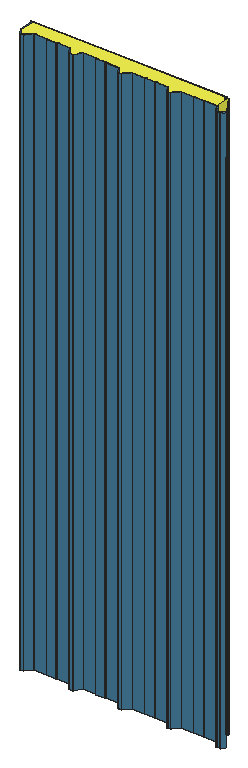
Revit family "ASSAN_N5_0,5-0,4_T", category Curtain Panels, Revit 2019
Family settings
  OmniClass Number = 23.25.20.14.11.11.17
  OmniClass Title = Infill Panels
  Always vertical = Yes
  Cut with Voids When Loaded = No
  Shared = No
Parameters (values of type "ASSAN_N5_0,5-0,4_T80")
  width  (mm) = "1000"  # constant formula
  minimum size  (m) = "3"  # constant formula
  maximum size (m) = "Depends on shipping conditions"  # constant formula
  Water absorption (EN ISO 354) = "By Volume 2% (168 hours)"  # constant formula
  Water Vapor Diffusion (EN 12086) = ""
  Version number = "Assan_N5_0100_001"  # constant formula
  Vapor Diffusion Resistance (EN 12086) = "30-100"  # constant formula
  Uniformat II Description = ""
  Uniformat II Code = ""
  Uniclass 2015 Name = "Metal composite panel roof covering systems"
  Uniclass 2015 Code = "Ss_30_40_55"
  Uniclass 2.0 Description = "Panel Roof Structure Systems"
  Uniclass 2.0 Code = "SS-20-10-60"
  Uniclass 1.4 Description = "Roof coverings, claddings, linings"
  Uniclass 1.4 Code = "L52"
  URL = "https://www.assanpanel.com.tr/en/"
  UNSPSC Code = ""
  Type Comments = "Prepainted Galvanized Steel Structure"  # constant formula
  Temperature Resistance = "-200 /+110 ºC"  # constant formula
  Technical description = "https://www.assanpanel.com.tr/en/urunler/sandvic-paneller/cati-panelleri/n5"
  Sound insulation Rw[Db]≥ = ""
  Rockwool Density (kg/m3) = ""
  Production Site = "İstanbul-İskenderun-Balıkesir"  # constant formula
  Painted Type = Polyester : Polyester
  Internal Colour = RAL 5010
  Internal  Metal Thickness = 0,3 : 0,3
  Hot Dip Coating Quantity(EN 10327) (gr/m2) = Z70 : Z70
  Flammability Class (EN 13501) = "B. S2 . d0"  # constant formula
  Finish = "Assan IPN"
  External Metal Thickness = 0,3 : 0,3
  External Colour = RAL 5010
  Core Insulation = Assan PUR : PUR
  Color = RAL 5010
  Region = "ALL"  # constant formula
  Ral Code = "All colors available.Please enter the desired color code\r\n\r\n@  :  7032"
  QR code = "https://www.assanpanel.com.tr/tr-tr/urunler/sandvic-paneller"
  Product group = "insulated roof panels"  # constant formula
  Product family = "Roof Panels"  # constant formula
  Product data url = "https://www.assanpanel.com.tr/-/media/files/pdf/urunler/sandivic-paneller/cati-paneli/2019/05/29/assan-panel-n5-cati-paneli.ashx"
  Product certification = "https://www.assanpanel.com.tr/en/kutuphane/sertifikalarimiz"
  Polyurethane Density (EN 1602  (kg/m3) = "40 (±2)"  # constant formula
  Panel orientation = "Roof panel vertical"  # constant formula
  OmniClass Description = ""
  OmniClass Code = ""
  NBS Reference Description = "Roofs"
  NBS Reference Code = "20-10"
  Model name = "ASSAN_N5_ROOF"  # constant formula
  Metal Sheet Type = Galvanized : Galvanized
  Masterformat 2014 Description = ""
  Masterformat 2014 Code = ""
  Manufacturer name = "Assan Panel San. ve Tic. A.Ş."  # constant formula
  Manufacturer country = "TURKEY"  # constant formula
  Manufacturer = "Assan Panel San. ve Tic. A.Ş."  # constant formula
  Thickness = 80 mm
  Installation instructions = "https://www.assanpanel.com.tr/en/urunler/sandvic-paneller"
  IFC Classification = "Roof"
  Heat Transmission Coefficient λ (EN 13165) (W/Mk) = "0,022-0,024"  # constant formula
  Dimensional Stability (EN 13165) = "Level DS (TH) 11"  # constant formula
  Design country = "ISTANBUL"  # constant formula
  Date of publishing = "001"  # constant formula
  Construction Type = "N5"
  Closed cell ratio (EN 14509) = "95%"  # constant formula
  COBIe Type Category = ""
  BIMobject category = "Roof"
  Analytic Construction = "<None>"
Types (5, lengths in mm): name | Core Insulation | Thickness
  ASSAN_N5_0,5-0,4_T50 | Assan PIR : PIR | 50
  ASSAN_N5_0,5-0,4_T40 | Assan PIR : PIR | 40
  ASSAN_N5_0,5-0,4_T60 | Assan PIR : PIR | 60
  ASSAN_N5_0,5-0,4_T80 | Assan PUR : PUR | 80
  ASSAN_N5_0,5-0,4_T100 | Assan PIR : PIR | 100
Reference planes
  plane 1 "Center (Front/Back)": y = 0
  plane 2: z = 0
  plane 3 "Center (Left/Right)": x = 0
  plane 4 "Left": x = -500
  plane 5 "Right": x = 500
  plane 6 "Top": z = 2900
  plane 7: y = -80
Text (mm)
  text "Exterior" at (-2351.972, 1416.179, 0), in view "Ref. Level"
  text "Exterior" at (0, 2290.741, 4406.713), in view "Left"
  text "Exterior" at (0, 1328.187, 4120.349), in view "Right"
Dimensions and locks
  equal spacing: plane 4 "Left", plane 3 "Center (Left/Right)", plane 5 "Right"
  "Thickness": plane 7 to plane 1 "Center (Front/Back)"
  aligned and locked: level to plane 2
  aligned and locked: plane 6 "Top" to nested 1
  aligned and locked: nested 2 to plane 3 "Center (Left/Right)"
  aligned and locked: plane 6 "Top" to nested 2
Nested families
  nested 1: "NT5" at (0, 0, 0), type "External Panel"
    with Boy 2900 mm, Kalınlık 80 mm
  nested 2: "Assan PUR" at (0, 0, 0), type <- "Core Insulation", type "PUR"
    with Boy 2900 mm, Kalınlık 80 mm
Definition of nested family "NT5"
  Parameters (values of type "50")
    Renk Kodu = none
    Kalınlık = 60 mm
    Boy [instance] = 3000 mm
  Reference planes
    plane 1 "Center (Front/Back)": y = 0
    plane 2: z = 0
    plane 3 "Center (Left/Right)": x = 0
    plane 4: y = 60
    plane 5: y = 92.402
    plane 6: y = 94.002
    plane 7: y = 59.2
    plane 8: x = -500
    plane 9: x = 500
    plane 10: z = 3000
  Forms (mm)
    Extrusion 1, solid, material <- "Renk Kodu"
      sketch origin (0, 0, 0) x (1, 0, 0) y (0, 1, 0)
        loop
          arc (497.148, 0) -> (499.165, 0.835) -> (500, 2.852) r 2.852
          arc (500, 2.852) -> (500.657, 4.541) -> (502.282, 5.343) r 2.5
          line (502.282, 5.343) -> (511.255, 6.04)
          arc (511.255, 6.04) -> (513.537, 8.532) -> (511.253, 11.021) r 2.5
          line (511.253, 11.021) -> (501.278, 11.807)
          arc (501.278, 11.807) -> (499.653, 12.608) -> (498.996, 14.297) r 2.5
          line (498.996, 14.297) -> (498.196, 14.297)
          arc (498.196, 14.297) -> (499.064, 12.066) -> (501.212, 11.009) r 3.3
          line (501.212, 11.009) -> (511.187, 10.224)
          arc (511.187, 10.224) -> (512.737, 8.532) -> (511.189, 6.837) r 1.7
          line (511.189, 6.837) -> (502.217, 6.14)
          arc (502.217, 6.14) -> (500.068, 5.083) -> (499.2, 2.852) r 3.3
          arc (499.2, 2.852) -> (498.599, 1.401) -> (497.148, 0.8) r 2.052
          line (497.148, 0.8) -> (-496.833, 0.8)
          arc (-496.833, 0.8) -> (-498.197, 2.164) -> (-496.833, 3.529) r 1.364
          line (-496.833, 3.529) -> (-489.583, 4.247)
          arc (-489.583, 4.247) -> (-486.791, 5.627) -> (-485.663, 8.531) r 4.3
          line (-485.663, 8.531) -> (-485.663, 58.119) -> (-463.536, 91.42)
          arc (-463.536, 91.42) -> (-462.744, 92.141) -> (-461.704, 92.402) r 2.2
          line (-461.704, 92.402) -> (-445.334, 92.402)
          arc (-445.334, 92.402) -> (-444.295, 92.141) -> (-443.502, 91.42) r 2.2
          line (-443.502, 91.42) -> (-422.988, 60.534)
          arc (-422.988, 60.534) -> (-421.902, 59.554) -> (-420.483, 59.2) r 3.017
          line (-420.483, 59.2) -> (-354.857, 59.2)
          arc (-354.857, 59.2) -> (-354.096, 59.351) -> (-353.45, 59.783) r 1.989
          line (-353.45, 59.783) -> (-352.804, 60.407)
          arc (-352.804, 60.407) -> (-352.479, 60.624) -> (-352.097, 60.7) r 1
          line (-352.097, 60.7) -> (-304.859, 60.7)
          arc (-304.859, 60.7) -> (-304.476, 60.624) -> (-304.151, 60.407) r 1
          line (-304.151, 60.407) -> (-303.505, 59.783)
          arc (-303.505, 59.783) -> (-302.86, 59.351) -> (-302.098, 59.2) r 1.989
          line (-302.098, 59.2) -> (-237.513, 59.2)
          arc (-237.513, 59.2) -> (-236.096, 59.556) -> (-235.015, 60.54) r 3
          line (-235.015, 60.54) -> (-213.965, 92.22)
          arc (-213.965, 92.22) -> (-213.173, 92.941) -> (-212.133, 93.202) r 2.2
          line (-212.133, 93.202) -> (-194.905, 93.202)
          arc (-194.905, 93.202) -> (-193.866, 92.941) -> (-193.073, 92.22) r 2.2
          line (-193.073, 92.22) -> (-171.133, 59.2) -> (-104.857, 59.2)
          arc (-104.857, 59.2) -> (-104.096, 59.351) -> (-103.45, 59.783) r 1.989
          line (-103.45, 59.783) -> (-102.804, 60.407)
          arc (-102.804, 60.407) -> (-102.479, 60.624) -> (-102.097, 60.7) r 1
          line (-102.097, 60.7) -> (-54.859, 60.7)
          arc (-54.859, 60.7) -> (-54.476, 60.624) -> (-54.151, 60.407) r 1
          line (-54.151, 60.407) -> (-53.505, 59.783)
          arc (-53.505, 59.783) -> (-52.86, 59.351) -> (-52.098, 59.2) r 1.989
          line (-52.098, 59.2) -> (14.095, 59.2) -> (36.035, 92.22)
          arc (36.035, 92.22) -> (36.827, 92.941) -> (37.867, 93.202) r 2.2
          line (37.867, 93.202) -> (56.274, 93.202) -> (78.867, 59.2) -> (145.143, 59.2)
          arc (145.143, 59.2) -> (145.904, 59.351) -> (146.55, 59.783) r 1.989
          line (146.55, 59.783) -> (147.196, 60.407)
          arc (147.196, 60.407) -> (147.521, 60.624) -> (147.903, 60.7) r 1
          line (147.903, 60.7) -> (195.141, 60.7)
          arc (195.141, 60.7) -> (195.524, 60.624) -> (195.849, 60.407) r 1
          line (195.849, 60.407) -> (196.495, 59.783)
          arc (196.495, 59.783) -> (197.14, 59.351) -> (197.902, 59.2) r 1.989
          line (197.902, 59.2) -> (264.095, 59.2) -> (286.035, 92.22)
          arc (286.035, 92.22) -> (286.827, 92.941) -> (287.867, 93.202) r 2.2
          line (287.867, 93.202) -> (305.095, 93.202)
          arc (305.095, 93.202) -> (306.134, 92.941) -> (306.927, 92.22) r 2.2
          line (306.927, 92.22) -> (328.867, 59.2) -> (395.143, 59.2)
          arc (395.143, 59.2) -> (395.904, 59.351) -> (396.55, 59.783) r 1.989
          line (396.55, 59.783) -> (397.196, 60.407)
          arc (397.196, 60.407) -> (397.521, 60.624) -> (397.903, 60.7) r 1
          line (397.903, 60.7) -> (445.141, 60.7)
          arc (445.141, 60.7) -> (445.524, 60.624) -> (445.849, 60.407) r 1
          line (445.849, 60.407) -> (446.495, 59.783)
          arc (446.495, 59.783) -> (447.14, 59.351) -> (447.902, 59.2) r 1.989
          line (447.902, 59.2) -> (514.095, 59.2) -> (536.035, 92.22)
          arc (536.035, 92.22) -> (536.827, 92.941) -> (537.867, 93.202) r 2.2
          line (537.867, 93.202) -> (554.773, 93.202)
          arc (554.773, 93.202) -> (556.044, 92.897) -> (557.038, 92.048) r 2.8
          line (557.038, 92.048) -> (568.479, 75.465) -> (569.137, 75.919) -> (557.78, 92.382)
          arc (557.78, 92.382) -> (556.481, 93.571) -> (554.773, 94.002) r 3.6
          line (554.773, 94.002) -> (536.259, 94.002) -> (514.319, 60.982)
          arc (514.319, 60.982) -> (513.526, 60.261) -> (512.487, 60) r 2.2
          line (512.487, 60) -> (447.801, 60)
          arc (447.801, 60) -> (447.419, 60.076) -> (447.094, 60.293) r 1
          line (447.094, 60.293) -> (446.463, 60.92)
          arc (446.463, 60.92) -> (445.811, 61.359) -> (445.04, 61.514) r 2.001
          line (445.04, 61.514) -> (398.004, 61.514)
          arc (398.004, 61.514) -> (397.234, 61.359) -> (396.582, 60.92) r 2.001
          line (396.582, 60.92) -> (395.951, 60.293)
          arc (395.951, 60.293) -> (395.626, 60.076) -> (395.243, 60) r 1
          line (395.243, 60) -> (330.475, 60)
          arc (330.475, 60) -> (329.436, 60.261) -> (328.643, 60.982) r 2.2
          line (328.643, 60.982) -> (306.703, 94.002) -> (286.259, 94.002) -> (264.319, 60.982)
          arc (264.319, 60.982) -> (263.526, 60.261) -> (262.487, 60) r 2.2
          line (262.487, 60) -> (197.801, 60)
          arc (197.801, 60) -> (197.419, 60.076) -> (197.094, 60.293) r 1
          line (197.094, 60.293) -> (196.463, 60.92)
          arc (196.463, 60.92) -> (195.811, 61.359) -> (195.04, 61.514) r 2.001
          line (195.04, 61.514) -> (148.004, 61.514)
          arc (148.004, 61.514) -> (147.234, 61.359) -> (146.582, 60.92) r 2.001
          line (146.582, 60.92) -> (145.951, 60.293)
          arc (145.951, 60.293) -> (145.626, 60.076) -> (145.243, 60) r 1
          line (145.243, 60) -> (79.296, 60) -> (56.703, 94.002) -> (36.259, 94.002) -> (13.666, 60) -> (-52.199, 60)
          arc (-52.199, 60) -> (-52.581, 60.076) -> (-52.906, 60.293) r 1
          line (-52.906, 60.293) -> (-53.537, 60.92)
          arc (-53.537, 60.92) -> (-54.189, 61.359) -> (-54.96, 61.514) r 2.001
          line (-54.96, 61.514) -> (-101.996, 61.514)
          arc (-101.996, 61.514) -> (-102.766, 61.359) -> (-103.418, 60.92) r 2.001
          line (-103.418, 60.92) -> (-104.049, 60.293)
          arc (-104.049, 60.293) -> (-104.374, 60.076) -> (-104.757, 60) r 1
          line (-104.757, 60) -> (-170.704, 60) -> (-192.407, 92.662)
          arc (-192.407, 92.662) -> (-193.488, 93.646) -> (-194.905, 94.002) r 3
          line (-194.905, 94.002) -> (-212.133, 94.002)
          arc (-212.133, 94.002) -> (-213.551, 93.646) -> (-214.632, 92.662) r 3
          line (-214.632, 92.662) -> (-235.681, 60.982)
          arc (-235.681, 60.982) -> (-236.474, 60.261) -> (-237.513, 60) r 2.2
          line (-237.513, 60) -> (-302.199, 60)
          arc (-302.199, 60) -> (-302.581, 60.076) -> (-302.906, 60.293) r 1
          line (-302.906, 60.293) -> (-303.537, 60.92)
          arc (-303.537, 60.92) -> (-304.189, 61.359) -> (-304.96, 61.514) r 2.001
          line (-304.96, 61.514) -> (-351.996, 61.514)
          arc (-351.996, 61.514) -> (-352.766, 61.359) -> (-353.418, 60.92) r 2.001
          line (-353.418, 60.92) -> (-354.049, 60.293)
          arc (-354.049, 60.293) -> (-354.374, 60.076) -> (-354.757, 60) r 1
          line (-354.757, 60) -> (-420.485, 60)
          arc (-420.485, 60) -> (-421.525, 60.261) -> (-422.318, 60.982) r 2.2
          line (-422.318, 60.982) -> (-442.835, 91.862)
          arc (-442.835, 91.862) -> (-443.917, 92.846) -> (-445.334, 93.202) r 3
          line (-445.334, 93.202) -> (-461.704, 93.202)
          arc (-461.704, 93.202) -> (-463.122, 92.846) -> (-464.203, 91.862) r 3
          line (-464.203, 91.862) -> (-486.463, 58.361) -> (-486.463, 8.531)
          arc (-486.463, 8.531) -> (-487.382, 6.166) -> (-489.658, 5.044) r 3.5
          line (-489.658, 5.044) -> (-497.214, 4.295)
          arc (-497.214, 4.295) -> (-498.989, 1.973) -> (-496.833, 0) r 2.164
          line (-496.833, 0) -> (497.148, 0)
      from 0 to 3000
  Dimensions and locks
    "Kalınlık": plane 1 "Center (Front/Back)" to plane 4
    locked: plane 5 to plane 4 at 32.402
    locked: plane 4 to plane 7 at 0.8
    locked: plane 6 to plane 4 at 34.002
    equal spacing: plane 8, plane 3 "Center (Left/Right)", plane 9
    plane 6 to plane 5 = 1.6 mm
    "Boy": plane 10 to plane 2
    aligned and locked: level to plane 2
    aligned and locked: Extrusion 1 sketch curve to plane 1 "Center (Front/Back)"
    aligned and locked: Extrusion 1 sketch curve to plane 4  (x4)
    aligned and locked: Extrusion 1 sketch curve to plane 7  (x4)
    aligned and locked: Extrusion 1 sketch curve to plane 6  (x2)
    aligned and locked: Extrusion 1 sketch curve to plane 5
    aligned and locked: plane 10 to Extrusion 1
  Automatic sketch dimensions
    Extrusion 1 sketch curve to Extrusion 1 sketch curve = 0 mm  (x18)
    Extrusion 1 sketch curve to plane 4 = 0 mm  (x4)
    Extrusion 1 sketch curve to plane 7 = 0 mm  (x4)
    Extrusion 1 sketch curve to plane 6 = 0 mm  (x2)
    Extrusion 1 sketch curve to plane 9 = 0 mm  (x2)
    Extrusion 1 sketch curve to plane 9 = 1.004 mm
    Extrusion 1 sketch curve to Extrusion 1 sketch curve = 0.8 mm  (x2)
    Extrusion 1 sketch curve to plane 9 = 2.852 mm
    plane 4 to Extrusion 1 sketch curve = 1.189 mm  (x3)
    Extrusion 1 sketch curve to plane 9 = 52.098 mm
    Extrusion 1 sketch curve to Extrusion 1 sketch curve = 0.101 mm  (x16)
    plane 4 to Extrusion 1 sketch curve = 0.293 mm  (x8)
    Extrusion 1 sketch curve to Extrusion 1 sketch curve = 0.707 mm  (x16)
    Extrusion 1 sketch curve to plane 4 = 0.217 mm  (x8)
    plane 4 to Extrusion 1 sketch curve = 0.92 mm  (x8)
    Extrusion 1 sketch curve to Extrusion 1 sketch curve = 0.631 mm  (x4)
    plane 4 to Extrusion 1 sketch curve = 0.407 mm  (x8)
    Extrusion 1 sketch curve to Extrusion 1 sketch curve = 0.615 mm  (x8)
    Extrusion 1 sketch curve to plane 4 = 0.3 mm  (x2)
    plane 4 to Extrusion 1 sketch curve = 1.514 mm  (x3)
    Extrusion 1 sketch curve to Extrusion 1 sketch curve = 47.036 mm  (x4)
    Extrusion 1 sketch curve to Extrusion 1 sketch curve = 0.647 mm  (x4)
    Extrusion 1 sketch curve to Extrusion 1 sketch curve = 0.599 mm  (x5)
    Extrusion 1 sketch curve to Extrusion 1 sketch curve = 64.668 mm
    Extrusion 1 sketch curve to Extrusion 1 sketch curve = 1.609 mm  (x5)
    plane 4 to Extrusion 1 sketch curve = 0.982 mm  (x5)
    Extrusion 1 sketch curve to Extrusion 1 sketch curve = 0.224 mm  (x6)
    Extrusion 1 sketch curve to plane 5 = 0.182 mm  (x6)
    Extrusion 1 sketch curve to Extrusion 1 sketch curve = 21.716 mm  (x2)
    Extrusion 1 sketch curve to Extrusion 1 sketch curve = 1.832 mm  (x7)
    plane 5 to Extrusion 1 sketch curve = 0.8 mm  (x4)
    Extrusion 1 sketch curve to Extrusion 1 sketch curve = 17.228 mm  (x2)
    Extrusion 1 sketch curve to Extrusion 1 sketch curve = 64.585 mm  (x2)
    Extrusion 1 sketch curve to Extrusion 1 sketch curve = 65.847 mm  (x2)
    Extrusion 1 sketch curve to Extrusion 1 sketch curve = 0.429 mm  (x4)
    Extrusion 1 sketch curve to Extrusion 1 sketch curve = 22.592 mm
    Extrusion 1 sketch curve to plane 5 = 1.4 mm  (x2)
    Extrusion 1 sketch curve to Extrusion 1 sketch curve = 18.407 mm
    plane 3 "Center (Left/Right)" to Extrusion 1 sketch curve = 14.095 mm
    Extrusion 1 sketch curve to plane 3 "Center (Left/Right)" = 52.098 mm
    plane 7 to Extrusion 1 sketch curve = 0.313 mm
    plane 5 to Extrusion 1 sketch curve = 0.26 mm  (x2)
    Extrusion 1 sketch curve to Extrusion 1 sketch curve = 21.702 mm
    Extrusion 1 sketch curve to Extrusion 1 sketch curve = 0.666 mm  (x3)
    plane 4 to Extrusion 1 sketch curve = 0.54 mm
    Extrusion 1 sketch curve to Extrusion 1 sketch curve = 21.049 mm
    plane 4 to Extrusion 1 sketch curve = 2.217 mm
    Extrusion 1 sketch curve to Extrusion 1 sketch curve = 65.626 mm
    Extrusion 1 sketch curve to Extrusion 1 sketch curve = 0.002 mm
    plane 4 to Extrusion 1 sketch curve = 0.534 mm
    Extrusion 1 sketch curve to plane 5 = 0.54 mm  (x2)
    Extrusion 1 sketch curve to Extrusion 1 sketch curve = 20.518 mm
    Extrusion 1 sketch curve to plane 5 = 0.982 mm  (x2)
    Extrusion 1 sketch curve to plane 5 = 2.2 mm
    Extrusion 1 sketch curve to Extrusion 1 sketch curve = 16.37 mm
    Extrusion 1 sketch curve to plane 7 = 1.081 mm
    plane 8 to Extrusion 1 sketch curve = 14.337 mm
    Extrusion 1 sketch curve to plane 1 "Center (Front/Back)" = 4.247 mm
    Extrusion 1 sketch curve to Extrusion 1 sketch curve = 3.121 mm
    Extrusion 1 sketch curve to plane 1 "Center (Front/Back)" = 5.044 mm
    Extrusion 1 sketch curve to Extrusion 1 sketch curve = 0.075 mm
    Extrusion 1 sketch curve to plane 1 "Center (Front/Back)" = 0.8 mm
    plane 8 to Extrusion 1 sketch curve = 3.167 mm
    Extrusion 1 sketch curve to Extrusion 1 sketch curve = 0.382 mm
    plane 9 to Extrusion 1 sketch curve = 1.212 mm
    Extrusion 1 sketch curve to Extrusion 1 sketch curve = 0.066 mm  (x4)
    plane 9 to Extrusion 1 sketch curve = 1.496 mm
    plane 9 to Extrusion 1 sketch curve = 2.217 mm
    Extrusion 1 sketch curve to Extrusion 1 sketch curve = 2.5 mm
    Extrusion 1 sketch curve to Extrusion 1 sketch curve = 8.821 mm
    Extrusion 1 sketch curve to Extrusion 1 sketch curve = 0.15 mm
    Extrusion 1 sketch curve to Extrusion 1 sketch curve = 0.152 mm
    plane 4 to Extrusion 1 sketch curve = 2.2 mm
    plane 9 to Extrusion 1 sketch curve = 12.487 mm
    plane 9 to Extrusion 1 sketch curve = 36.035 mm
    Extrusion 1 sketch curve to Extrusion 1 sketch curve = 1.364 mm
    Extrusion 1 sketch curve to plane 1 "Center (Front/Back)" = 6.04 mm
    Extrusion 1 sketch curve to Extrusion 1 sketch curve = 0.797 mm  (x2)
    Extrusion 1 sketch curve to Extrusion 1 sketch curve = 1.693 mm
    Extrusion 1 sketch curve to Extrusion 1 sketch curve = 4.869 mm
    Extrusion 1 sketch curve to Extrusion 1 sketch curve = 0.242 mm
    Extrusion 1 sketch curve to Extrusion 1 sketch curve = 0.187 mm  (x2)
    Extrusion 1 sketch curve to plane 5 = 0.354 mm
    Extrusion 1 sketch curve to plane 5 = 0.02 mm
    Extrusion 1 sketch curve to Extrusion 1 sketch curve = 0.742 mm
    Extrusion 1 sketch curve to Extrusion 1 sketch curve = 11.357 mm
    plane 4 to Extrusion 1 sketch curve = 15.465 mm
    plane 4 to Extrusion 1 sketch curve = 15.919 mm
    Extrusion 1 sketch curve to Extrusion 1 sketch curve = 0.658 mm
    Extrusion 1 sketch curve to Extrusion 1 sketch curve = 16.906 mm
Definition of nested family "Assan PUR"
  Parameters (values of type "PIR")
    Kalınlık = 50 mm
    Insulation = none
    Boy [instance] = 3000 mm
    Analytic Construction = "<None>"
  Reference planes
    plane 1 "Center (Front/Back)": y = 0
    plane 2: z = 0
    plane 3 "Center (Left/Right)": x = 0
    plane 4: y = 50
    plane 5: y = 82.402
    plane 6: y = 84.002
    plane 7: y = 49.2
    plane 8: x = -500
    plane 9: x = 500
    plane 10: z = 3000
  Forms (mm)
    Extrusion 1, solid, material <- "Insulation"
      sketch origin (0, 0, 0) x (1, 0, 0) y (0, 1, 0)
        loop
          arc (-420.483, 49.2) -> (-421.902, 49.554) -> (-422.988, 50.534) r 3.017
          line (-422.988, 50.534) -> (-443.502, 81.42)
          arc (-443.502, 81.42) -> (-444.295, 82.141) -> (-445.334, 82.402) r 2.2
          line (-445.334, 82.402) -> (-461.704, 82.402)
          arc (-461.704, 82.402) -> (-462.744, 82.141) -> (-463.536, 81.42) r 2.2
          line (-463.536, 81.42) -> (-485.663, 48.119) -> (-485.663, 8.531)
          arc (-485.663, 8.531) -> (-486.791, 5.627) -> (-489.583, 4.247) r 4.3
          line (-489.583, 4.247) -> (-496.833, 3.529)
          arc (-496.833, 3.529) -> (-498.197, 2.164) -> (-496.833, 0.8) r 1.364
          line (-496.833, 0.8) -> (497.148, 0.8)
          arc (497.148, 0.8) -> (498.599, 1.401) -> (499.2, 2.852) r 2.052
          arc (499.2, 2.852) -> (500.068, 5.083) -> (502.217, 6.14) r 3.3
          line (502.217, 6.14) -> (511.189, 6.837)
          arc (511.189, 6.837) -> (512.292, 7.383) -> (512.737, 8.53) r 1.7
          line (512.737, 8.53) -> (512.737, 49.2) -> (447.902, 49.2)
          arc (447.902, 49.2) -> (447.14, 49.351) -> (446.495, 49.783) r 1.989
          line (446.495, 49.783) -> (445.849, 50.407)
          arc (445.849, 50.407) -> (445.524, 50.624) -> (445.141, 50.7) r 1
          line (445.141, 50.7) -> (397.903, 50.7)
          arc (397.903, 50.7) -> (397.521, 50.624) -> (397.196, 50.407) r 1
          line (397.196, 50.407) -> (396.55, 49.783)
          arc (396.55, 49.783) -> (395.904, 49.351) -> (395.143, 49.2) r 1.989
          line (395.143, 49.2) -> (328.867, 49.2) -> (306.927, 82.22)
          arc (306.927, 82.22) -> (306.134, 82.941) -> (305.095, 83.202) r 2.2
          line (305.095, 83.202) -> (287.867, 83.202)
          arc (287.867, 83.202) -> (286.827, 82.941) -> (286.035, 82.22) r 2.2
          line (286.035, 82.22) -> (264.095, 49.2) -> (197.902, 49.2)
          arc (197.902, 49.2) -> (197.14, 49.351) -> (196.495, 49.783) r 1.989
          line (196.495, 49.783) -> (195.849, 50.407)
          arc (195.849, 50.407) -> (195.524, 50.624) -> (195.141, 50.7) r 1
          line (195.141, 50.7) -> (147.903, 50.7)
          arc (147.903, 50.7) -> (147.521, 50.624) -> (147.196, 50.407) r 1
          line (147.196, 50.407) -> (146.55, 49.783)
          arc (146.55, 49.783) -> (145.904, 49.351) -> (145.143, 49.2) r 1.989
          line (145.143, 49.2) -> (78.867, 49.2) -> (56.274, 83.202) -> (37.867, 83.202)
          arc (37.867, 83.202) -> (36.827, 82.941) -> (36.035, 82.22) r 2.2
          line (36.035, 82.22) -> (14.095, 49.2) -> (-52.098, 49.2)
          arc (-52.098, 49.2) -> (-52.86, 49.351) -> (-53.505, 49.783) r 1.989
          line (-53.505, 49.783) -> (-54.151, 50.407)
          arc (-54.151, 50.407) -> (-54.476, 50.624) -> (-54.859, 50.7) r 1
          line (-54.859, 50.7) -> (-102.097, 50.7)
          arc (-102.097, 50.7) -> (-102.479, 50.624) -> (-102.804, 50.407) r 1
          line (-102.804, 50.407) -> (-103.45, 49.783)
          arc (-103.45, 49.783) -> (-104.096, 49.351) -> (-104.857, 49.2) r 1.989
          line (-104.857, 49.2) -> (-171.133, 49.2) -> (-193.073, 82.22)
          arc (-193.073, 82.22) -> (-193.866, 82.941) -> (-194.905, 83.202) r 2.2
          line (-194.905, 83.202) -> (-212.133, 83.202)
          arc (-212.133, 83.202) -> (-213.173, 82.941) -> (-213.965, 82.22) r 2.2
          line (-213.965, 82.22) -> (-235.015, 50.54)
          arc (-235.015, 50.54) -> (-236.096, 49.556) -> (-237.513, 49.2) r 3
          line (-237.513, 49.2) -> (-302.098, 49.2)
          arc (-302.098, 49.2) -> (-302.86, 49.351) -> (-303.505, 49.783) r 1.989
          line (-303.505, 49.783) -> (-304.151, 50.407)
          arc (-304.151, 50.407) -> (-304.476, 50.624) -> (-304.859, 50.7) r 1
          line (-304.859, 50.7) -> (-352.097, 50.7)
          arc (-352.097, 50.7) -> (-352.479, 50.624) -> (-352.804, 50.407) r 1
          line (-352.804, 50.407) -> (-353.45, 49.783)
          arc (-353.45, 49.783) -> (-354.096, 49.351) -> (-354.857, 49.2) r 1.989
          line (-354.857, 49.2) -> (-420.483, 49.2)
      from 0 to 3000
  Dimensions and locks
    "Kalınlık": plane 1 "Center (Front/Back)" to plane 4
    locked: plane 5 to plane 4 at 32.402
    locked: plane 4 to plane 7 at 0.8
    locked: plane 6 to plane 4 at 34.002
    equal spacing: plane 8, plane 3 "Center (Left/Right)", plane 9
    plane 6 to plane 5 = 1.6 mm
    "Boy": plane 10 to plane 2
    aligned and locked: level to plane 2
    aligned and locked: Extrusion 1 sketch curve to plane 7  (x4)
    aligned and locked: Extrusion 1 sketch curve to plane 5
    aligned and locked: plane 10 to Extrusion 1
  Automatic sketch dimensions
    Extrusion 1 sketch curve to plane 7 = 0 mm  (x4)
    plane 8 to Extrusion 1 sketch curve = 3.167 mm
    Extrusion 1 sketch curve to Extrusion 1 sketch curve = 6.87 mm
    Extrusion 1 sketch curve to plane 1 "Center (Front/Back)" = 4.247 mm
    Extrusion 1 sketch curve to Extrusion 1 sketch curve = 0.379 mm
    Extrusion 1 sketch curve to Extrusion 1 sketch curve = 4.3 mm
    Extrusion 1 sketch curve to plane 5 = 0.982 mm  (x2)
    plane 8 to Extrusion 1 sketch curve = 36.464 mm
    Extrusion 1 sketch curve to Extrusion 1 sketch curve = 1.832 mm  (x6)
    Extrusion 1 sketch curve to plane 5 = 2.2 mm
    Extrusion 1 sketch curve to Extrusion 1 sketch curve = 16.37 mm
    plane 4 to Extrusion 1 sketch curve = 0.534 mm
    Extrusion 1 sketch curve to Extrusion 1 sketch curve = 20.514 mm
    Extrusion 1 sketch curve to Extrusion 1 sketch curve = 2.504 mm
    Extrusion 1 sketch curve to Extrusion 1 sketch curve = 65.626 mm
    Extrusion 1 sketch curve to plane 4 = 0.217 mm  (x8)
    Extrusion 1 sketch curve to Extrusion 1 sketch curve = 1.407 mm  (x3)
    plane 4 to Extrusion 1 sketch curve = 0.407 mm  (x8)
    Extrusion 1 sketch curve to Extrusion 1 sketch curve = 0.647 mm  (x8)
    Extrusion 1 sketch curve to plane 4 = 0.3 mm  (x5)
    Extrusion 1 sketch curve to Extrusion 1 sketch curve = 0.707 mm  (x7)
    Extrusion 1 sketch curve to Extrusion 1 sketch curve = 47.238 mm  (x4)
    plane 4 to Extrusion 1 sketch curve = 1.189 mm  (x5)
    Extrusion 1 sketch curve to Extrusion 1 sketch curve = 64.585 mm
    plane 4 to Extrusion 1 sketch curve = 0.54 mm
    Extrusion 1 sketch curve to Extrusion 1 sketch curve = 2.499 mm
    Extrusion 1 sketch curve to plane 5 = 0.182 mm  (x5)
    Extrusion 1 sketch curve to Extrusion 1 sketch curve = 21.049 mm
    Extrusion 1 sketch curve to plane 5 = 1.4 mm
    Extrusion 1 sketch curve to Extrusion 1 sketch curve = 17.228 mm  (x2)
    Extrusion 1 sketch curve to Extrusion 1 sketch curve = 21.94 mm  (x3)
    Extrusion 1 sketch curve to Extrusion 1 sketch curve = 66.276 mm  (x3)
    plane 3 "Center (Left/Right)" to Extrusion 1 sketch curve = 14.095 mm
    plane 3 "Center (Left/Right)" to Extrusion 1 sketch curve = 36.035 mm
    plane 5 to Extrusion 1 sketch curve = 0.8 mm  (x2)
    Extrusion 1 sketch curve to Extrusion 1 sketch curve = 18.407 mm
    Extrusion 1 sketch curve to Extrusion 1 sketch curve = 22.592 mm
    Extrusion 1 sketch curve to Extrusion 1 sketch curve = 66.193 mm
    Extrusion 1 sketch curve to plane 1 "Center (Front/Back)" = 0.8 mm
    Extrusion 1 sketch curve to plane 9 = 2.852 mm
    plane 9 to Extrusion 1 sketch curve = 2.217 mm
    plane 9 to Extrusion 1 sketch curve = 2.5 mm
    Extrusion 1 sketch curve to Extrusion 1 sketch curve = 8.821 mm
    Extrusion 1 sketch curve to Extrusion 1 sketch curve = 0.152 mm
    Extrusion 1 sketch curve to Extrusion 1 sketch curve = 1.364 mm
    Extrusion 1 sketch curve to Extrusion 1 sketch curve = 2.052 mm
    Extrusion 1 sketch curve to Extrusion 1 sketch curve = 3.288 mm
    Extrusion 1 sketch curve to plane 1 "Center (Front/Back)" = 6.837 mm
    Extrusion 1 sketch curve to Extrusion 1 sketch curve = 1.693 mm
    Extrusion 1 sketch curve to plane 7 = 1.081 mm
